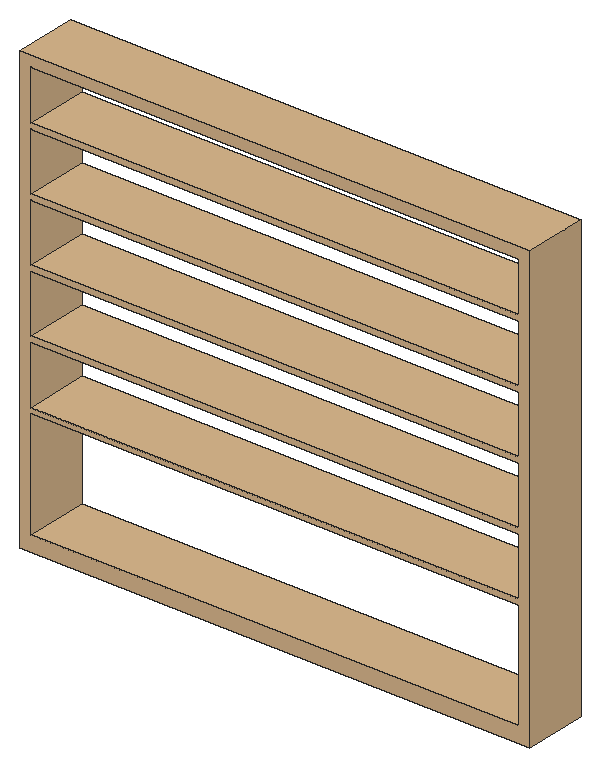
Revit family
Parameters (values of type "2440 x 0305 x 2134mm")
  Keynote = "N"
  Depth = 305.00 mm
  Height = 2134.00 mm
  Material = Wood - Birch
  Width = 2440.00 mm
  Assembly Code = ""
Types (2, lengths in mm): name | Depth | Height | Width
  0915 x 0254 x 1830mm | 254.00 | 1830.00 | 915.00
  2440 x 0305 x 2134mm | 305.00 | 2134.00 | 2440.00
Reference planes
  plane 1: y = -304.8
  plane 2: z = 0
  plane 3: x = 0
  plane 4 "Back": y = -152.3
  plane 5 "Front": y = -457.3
  plane 6 "Right": x = 1220
  plane 7 "Left": x = -1220
  plane 8: z = 2134
  plane 9: x = -1169.2
  plane 10: x = 1169.2
  plane 11: x = -1220
  plane 12: x = 1220
  plane 13: z = 1524.286
  plane 14: z = 914.571
  plane 15: z = 304.857
  plane 16: z = 1829.143
  plane 17: z = 1219.429
  plane 18: z = 609.714
Forms (mm)
  Extrusion 1, solid, material "Wood - Birch" <- "Material"
    sketch origin (0, 0, 0) x (1, 0, 0) y (0, 0, 1)
      loop
        line (-1220, 0) -> (1220, 0) -> (1220, 2134) -> (-1220, 2134) -> (-1220, 0)
      loop
        line (-1169.2, 2083.2) -> (-1169.2, 1841.843) -> (1169.2, 1841.843) -> (1169.2, 2083.2) -> (-1169.2, 2083.2)
      loop
        line (-1169.2, 76.2) -> (1169.2, 76.2) -> (1169.2, 597.014) -> (-1169.2, 597.014) -> (-1169.2, 76.2)
      loop
        line (1169.2, 1232.129) -> (1169.2, 1511.586) -> (-1169.2, 1511.586) -> (-1169.2, 1232.129) -> (1169.2, 1232.129)
      loop
        line (-1169.2, 1816.443) -> (-1169.2, 1536.986) -> (1169.2, 1536.986) -> (1169.2, 1816.443) -> (-1169.2, 1816.443)
      loop
        line (-1169.2, 1206.729) -> (-1169.2, 927.271) -> (1169.2, 927.271) -> (1169.2, 1206.729) -> (-1169.2, 1206.729)
      loop
        line (-1169.2, 901.871) -> (-1169.2, 622.414) -> (1169.2, 622.414) -> (1169.2, 901.871) -> (-1169.2, 901.871)
    from 152.3 to 457.3
Lines and regions (mm)
  Masking region 1
    outline origin (0, 0, 0) x (1, 0, 0) y (0, 1, 0)
      loop
        line (-1220, -152.3) -> (-1220, -457.3) -> (1220, -457.3) -> (1220, -152.3) -> (-1220, -152.3)
  symbolic lines, style "Furniture"
    curve 1: line (-1220, -152.3, 0) -> (1220, -152.3, 0)
    curve 2: line (-1220, -457.3, 0) -> (-1220, -152.3, 0)
    curve 3: line (1220, -457.3, 0) -> (-1220, -457.3, 0)
    curve 4: line (1220, -152.3, 0) -> (1220, -457.3, 0)
Dimensions and locks
  locked: plane 11 to plane 9 at 50.8
  plane 8 to Extrusion 1 sketch curve = 50.80 mm
  Extrusion 1 sketch curve to plane 2 = 76.20 mm
  "Width": plane 7 "Left" to plane 6 "Right"
  equal spacing: plane 7 "Left", plane 3, plane 6 "Right"
  equal spacing: plane 4 "Back", plane 1, plane 5 "Front"
  "Depth": plane 4 "Back" to plane 5 "Front"
  "Height": plane 8 to plane 2
  equal spacing: plane 8, plane 16, plane 13, plane 17, plane 14, plane 18, plane 15, plane 2
  locked: Extrusion 1 sketch curve to plane 16 at 12.7
  locked: plane 16 to Extrusion 1 sketch curve at 12.7
  locked: Extrusion 1 sketch curve to plane 13 at 12.7
  locked: plane 13 to Extrusion 1 sketch curve at 12.7
  locked: Extrusion 1 sketch curve to plane 17 at 12.7
  locked: plane 17 to Extrusion 1 sketch curve at 12.7
  locked: Extrusion 1 sketch curve to plane 14 at 12.7
  locked: plane 14 to Extrusion 1 sketch curve at 12.7
  locked: Extrusion 1 sketch curve to plane 18 at 12.7
  locked: plane 18 to Extrusion 1 sketch curve at 12.7
  locked: plane 10 to plane 12 at 50.8
  aligned and locked: Extrusion 1 to plane 5 "Front"
  aligned and locked: Extrusion 1 sketch curve to plane 11
  aligned and locked: Extrusion 1 sketch curve to plane 12
  aligned and locked: plane 11 to plane 7 "Left"
  aligned and locked: plane 12 to plane 6 "Right"
  aligned and locked: plane 4 "Back" to Extrusion 1
  aligned and locked: plane 10 to Extrusion 1 sketch curve  (x4)
  aligned and locked: Extrusion 1 sketch curve to Extrusion 1 sketch curve
  aligned: Extrusion 1 to Masking region 1 sketch curve
  aligned: Masking region 1 sketch curve to Extrusion 1  (x3)
Automatic sketch dimensions
  Extrusion 1 sketch curve to plane 9 = 0.00 mm  (x5)
  Extrusion 1 sketch curve to plane 10 = 0.00 mm  (x2)
  Extrusion 1 sketch curve to level = 0.00 mm
  Extrusion 1 sketch curve to plane 8 = 0.00 mm
  curve 3 to plane 5 "Front" = 0.00 mm
  curve 3 to plane 7 "Left" = 0.00 mm
  curve 3 to plane 6 "Right" = 0.00 mm
  curve 2 to plane 4 "Back" = 0.00 mm
  Masking region 1 sketch curve to plane 5 "Front" = 0.00 mm
  Masking region 1 sketch curve to plane 7 "Left" = 0.00 mm
  Masking region 1 sketch curve to plane 6 "Right" = 0.00 mm
  Masking region 1 sketch curve to plane 4 "Back" = 0.00 mm
